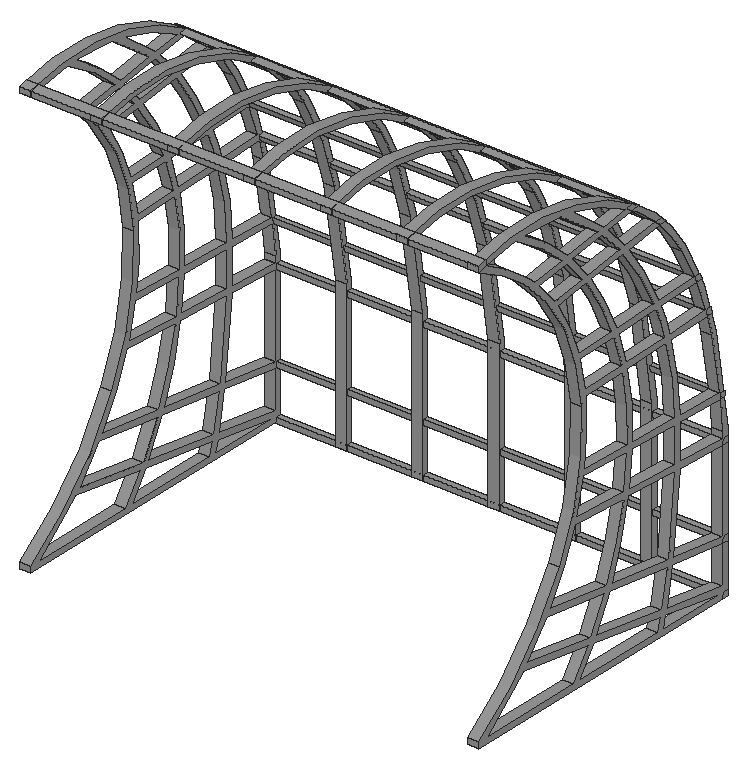
Revit family "Шпалера-навес для скамейки «Сидней» Арт 15189", category Антураж, Revit 2018 (continued)
Automatic sketch dimensions
  plane 1 "По центру (Вперед/Назад)" to Extrusion 8 sketch curve = 33.452 mm
  level to Extrusion 8 sketch curve = 390.174 mm
  plane 1 "По центру (Вперед/Назад)" to Extrusion 8 sketch curve = 1822.86 mm
  Extrusion 8 sketch curve to Extrusion 8 sketch curve = 97.191 mm
  Extrusion 8 sketch curve to plane 6 = 177.152 mm
  Extrusion 8 sketch curve to plane 6 = 197.715 mm
  Extrusion 8 sketch curve to Extrusion 8 sketch curve = 33.316 mm
  Extrusion 8 sketch curve to plane 6 = 171.675 mm
  Extrusion 8 sketch curve to Extrusion 8 sketch curve = 5.651 mm
  Extrusion 8 sketch curve to plane 6 = 192.463 mm
  Extrusion 8 sketch curve to plane 6 = 303.178 mm
  Extrusion 8 sketch curve to Extrusion 8 sketch curve = 97.197 mm
  Extrusion 8 sketch curve to plane 6 = 325.578 mm
  Extrusion 8 sketch curve to Extrusion 8 sketch curve = 22.707 mm
  Extrusion 8 sketch curve to Extrusion 8 sketch curve = 9.121 mm
  Extrusion 8 sketch curve to Extrusion 8 sketch curve = 30.976 mm
  Extrusion 8 sketch curve to plane 5 = 185.782 mm
  Extrusion 8 sketch curve to Extrusion 8 sketch curve = 11.132 mm
  Extrusion 8 sketch curve to Extrusion 8 sketch curve = 27.076 mm
  Extrusion 8 sketch curve to Extrusion 8 sketch curve = 26.865 mm
  Extrusion 8 sketch curve to plane 5 = 122.039 mm
  Extrusion 8 sketch curve to Extrusion 8 sketch curve = 7.601 mm
  Extrusion 8 sketch curve to Extrusion 8 sketch curve = 25.923 mm
  Extrusion 8 sketch curve to Extrusion 8 sketch curve = 25.796 mm
  Extrusion 8 sketch curve to plane 5 = 44.053 mm
  Extrusion 8 sketch curve to Extrusion 8 sketch curve = 3.47 mm
  Extrusion 8 sketch curve to plane 5 = 25 mm  (x3)
  Extrusion 8 sketch curve to plane 5 = 18.679 mm
  Extrusion 8 sketch curve to plane 5 = 15.243 mm
  level to Extrusion 8 sketch curve = 25 mm
  Extrusion 8 sketch curve to Extrusion 8 sketch curve = 200 mm
  Extrusion 8 sketch curve to Extrusion 8 sketch curve = 25.246 mm
  Extrusion 8 sketch curve to Extrusion 8 sketch curve = 373.444 mm
  Extrusion 8 sketch curve to Extrusion 8 sketch curve = 1.31 mm  (x2)
  Extrusion 8 sketch curve to Extrusion 8 sketch curve = 25.034 mm
  Extrusion 8 sketch curve to Extrusion 8 sketch curve = 110.534 mm
  Extrusion 8 sketch curve to Extrusion 8 sketch curve = 167.136 mm
  Extrusion 8 sketch curve to Extrusion 8 sketch curve = 0.885 mm
  Extrusion 8 sketch curve to Extrusion 8 sketch curve = 345.664 mm
  Extrusion 8 sketch curve to Extrusion 8 sketch curve = 0.901 mm
  Extrusion 8 sketch curve to Extrusion 8 sketch curve = 139.326 mm
  Extrusion 8 sketch curve to Extrusion 8 sketch curve = 0.938 mm
  Extrusion 8 sketch curve to Extrusion 8 sketch curve = 3.803 mm
  Extrusion 8 sketch curve to plane 6 = 69.178 mm
  Extrusion 8 sketch curve to Extrusion 8 sketch curve = 25.973 mm
  Extrusion 8 sketch curve to plane 1 "По центру (Вперед/Назад)" = 38.275 mm
  Extrusion 8 sketch curve to Extrusion 8 sketch curve = 10.153 mm
  Extrusion 8 sketch curve to Extrusion 8 sketch curve = 25.725 mm
  level to Extrusion 2 sketch curve = 794.221 mm
  level to Extrusion 6 sketch curve = 794.221 mm
  level to Extrusion 5 sketch curve = 794.221 mm
  level to Extrusion 4 sketch curve = 794.221 mm
  level to Extrusion 3 sketch curve = 794.221 mm
